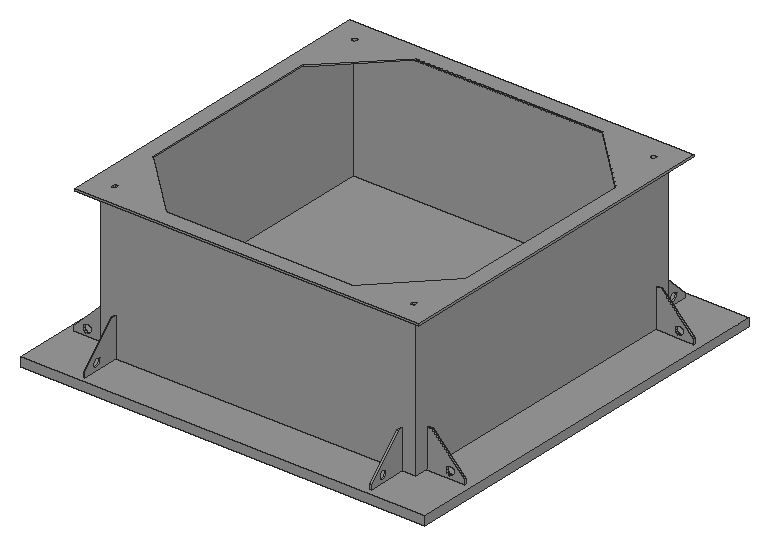
Revit family "СМ-ВО", category Арматура воздуховодов, Revit 2021
Family settings
  Размер круглого соединителя = Использовать диаметр
  Тип детали = Присоединяется
  На основе рабочей плоскости = Нет
  Всегда вертикально = Да
  При загрузке вырезать с полостями = Нет
  Общий = Нет
Parameters (values of type "СМ-ВО-0010-900")
  Ширина = C  # 1420 mm
  Фаска = D / 4  # 276.25 mm
  Отметка по умолчанию = 0 mm
  Косынка = Dy - 100 mm  # 1000 mm
  Класифікація навантаження = "HVAC"
  Изготовитель = "Вентс"  # constant formula
  Довжина = Ширина  # 1420 mm
  Висота = 550 mm  # constant formula
  Вага = 88.50 kg
  URL = "https://vents.ua/ua/series/sm-vo"
  Матеріал зони обслуговуваня = none
  Dy = 1100 mm
  D = Dy + 5 mm  # 1105 mm
  Матеріал корпусу = Метал, пофарбований, синій, матовий RAL 5007
  C = 1420 mm
  B = 1208 mm
  A = 1050 mm
  09_Назва системи [instance] = ""
  00_20_Тип = "СМ-ВО-0010-900"
  00_20_Назва = "Монтажний стакан"
  00_20_Виробник = "Вентс"  # constant formula
Types (9, lengths in mm): name | Ширина | Фаска | Косынка | Довжина | Вага | Dy | D | C | B | A | 00_20_Тип
  (no name) | 1420 | 276.25 | 1000 | 1420 | 88.50 kg | 1100 | 1105 | 1420 | 1208 | 1050 | "СМ-ВО-0010-900"
  СМ-ВО-0010-315/355 | 800 | 126.25 | 400 | 800 | 43.50 kg | 500 | 505 | 800 | 590 | 480 | "СМ-ВО-0010-315/355"
  СМ-ВО-0010-400/450 | 900 | 151.25 | 500 | 900 | 51.50 kg | 600 | 605 | 900 | 692 | 580 | "СМ-ВО-0010-400/450"
  СМ-ВО-0010-500 | 970 | 168.75 | 570 | 970 | 56.00 kg | 670 | 675 | 970 | 760 | 640 | "СМ-ВО-0010-500"
  СМ-ВО-0010-560/630 | 1120 | 208.75 | 730 | 1120 | 66.50 kg | 830 | 835 | 1120 | 910 | 750 | "СМ-ВО-0010-560/630"
  СМ-ВО-0010-710/800 | 1350 | 263.75 | 950 | 1350 | 83.00 kg | 1050 | 1055 | 1350 | 1140 | 980 | "СМ-ВО-0010-710/800"
  СМ-ВО-0010-900 | 1420 | 276.25 | 1000 | 1420 | 88.50 kg | 1100 | 1105 | 1420 | 1208 | 1050 | "СМ-ВО-0010-900"
  СМ-ВО-0010-1000/1120 | 1710 | 351.25 | 1300 | 1710 | 112.00 kg | 1400 | 1405 | 1710 | 1498 | 1340 | "СМ-ВО-0010-1000/1120"
  СМ-ВО-0010-1250 | 1900 | 401.25 | 1500 | 1900 | 151.00 kg | 1600 | 1605 | 1900 | 1688 | 1500 | "СМ-ВО-0010-1250"
Reference planes
  plane 1 "По центру (Вперед/Назад)": y = 0
  plane 2: z = 0
  plane 3 "По центру (Влево/Вправо)": x = 0
  plane 4: y = 525
  plane 5: y = -525
  plane 6: x = -525
  plane 7: x = 525
Forms (mm)
  Extrusion 1, solid, material "Метал, пофарбований, синій, матовий RAL 5007" <- "Матеріал корпусу"
    sketch origin (0, 0, 0) x (1, 0, 0) y (0, 1, 0)
      loop
        line (-710, 710) -> (-710, -710) -> (710, -710) -> (710, 710) -> (-710, 710)
      loop
        line (-550, 550) -> (-550, -550) -> (550, -550) -> (550, 550) -> (-550, 550)
    from 0 to 30
  Extrusion 2, solid, material "Метал, пофарбований, синій, матовий RAL 5007" <- "Матеріал корпусу"
    sketch origin (0, 0, 0) x (1, 0, 0) y (0, 1, 0)
      loop
        line (-552.5, 552.5) -> (-552.5, -552.5) -> (552.5, -552.5) -> (552.5, 552.5) -> (-552.5, 552.5)
      loop
        line (-550, 550) -> (-550, -550) -> (550, -550) -> (550, 550) -> (-550, 550)
    from 30 to 545
  Extrusion 3, solid, material "Метал, пофарбований, синій, матовий RAL 5007" <- "Матеріал корпусу"
    sketch origin (0, 0, 0) x (1, 0, 0) y (0, 1, 0)
      loop
        line (-604, 604) -> (-604, -604) -> (604, -604) -> (604, 604) -> (-604, 604)
      loop
        line (-327.75, 550) -> (-550, 327.75) -> (-550, -327.75) -> (-327.75, -550) -> (327.75, -550) -> (550, -327.75) -> (550, 327.75) -> (327.75, 550) -> (-327.75, 550)
      loop
        circle (-525, 525) r 8
      loop
        circle (525, 525) r 8
      loop
        circle (525, -525) r 8
      loop
        circle (-525, -525) r 8
    from 545 to 550
  Extrusion 4, solid, material "Метал, пофарбований, синій, матовий RAL 5007" <- "Матеріал корпусу"
    sketch origin (0, 0, 0) x (1, 0, 0) y (0, 0, 1)
      loop
        line (-687.5, 30) -> (-552.5, 30) -> (-552.5, 165) -> (-569.567, 165) -> (-687.5, 47.067) -> (-687.5, 30)
      loop
        circle (-637.5, 55) r 15
    from 500 to 505
  Extrusion 5, solid, material "Метал, пофарбований, синій, матовий RAL 5007" <- "Матеріал корпусу"
    sketch origin (0, 0, 0) x (1, 0, 0) y (0, 0, -1)
      loop
        line (-687.5, -30) -> (-687.5, -47.067) -> (-569.567, -165) -> (-552.5, -165) -> (-552.5, -30) -> (-687.5, -30)
      loop
        circle (-637.5, -55) r 15
    from 500 to 505
  Extrusion 6, solid, material "Метал, пофарбований, синій, матовий RAL 5007" <- "Матеріал корпусу"
    sketch origin (0, 0, 0) x (-1, 0, 0) y (0, 0, -1)
      loop
        line (-687.5, -30) -> (-687.5, -47.067) -> (-569.567, -165) -> (-552.5, -165) -> (-552.5, -30) -> (-687.5, -30)
      loop
        circle (-637.5, -55) r 15
    from 500 to 505
  Extrusion 7, solid, material "Метал, пофарбований, синій, матовий RAL 5007" <- "Матеріал корпусу"
    sketch origin (0, 0, 0) x (-1, 0, 0) y (0, 0, 1)
      loop
        line (-687.5, 30) -> (-552.5, 30) -> (-552.5, 165) -> (-569.567, 165) -> (-687.5, 47.067) -> (-687.5, 30)
      loop
        circle (-637.5, 55) r 15
    from 500 to 505
  Extrusion 8, solid, material "Метал, пофарбований, синій, матовий RAL 5007" <- "Матеріал корпусу"
    sketch origin (-349.138, 0, 0) x (0, -1, 0) y (0, 0, -1)
      loop
        line (-687.5, -30) -> (-687.5, -47.067) -> (-569.567, -165) -> (-552.5, -165) -> (-552.5, -30) -> (-687.5, -30)
      loop
        circle (-637.5, -55) r 15
    from -155.862 to -150.862
  Extrusion 9, solid, material "Метал, пофарбований, синій, матовий RAL 5007" <- "Матеріал корпусу"
    sketch origin (-69.138, 0, 0) x (0, -1, 0) y (0, 0, -1)
      loop
        line (-687.5, -30) -> (-687.5, -47.067) -> (-569.567, -165) -> (-552.5, -165) -> (-552.5, -30) -> (-687.5, -30)
      loop
        circle (-637.5, -55) r 15
    from 569.138 to 574.138
  Extrusion 10, solid, material "Метал, пофарбований, синій, матовий RAL 5007" <- "Матеріал корпусу"
    sketch origin (-349.138, 0, 0) x (0, 1, 0) y (0, 0, 1)
      loop
        line (-687.5, 30) -> (-552.5, 30) -> (-552.5, 165) -> (-569.567, 165) -> (-687.5, 47.067) -> (-687.5, 30)
      loop
        circle (-637.5, 55) r 15
    from -155.862 to -150.862
  Extrusion 11, solid, material "Метал, пофарбований, синій, матовий RAL 5007" <- "Матеріал корпусу"
    sketch origin (-69.138, 0, 0) x (0, 1, 0) y (0, 0, 1)
      loop
        line (-687.5, 30) -> (-552.5, 30) -> (-552.5, 165) -> (-569.567, 165) -> (-687.5, 47.067) -> (-687.5, 30)
      loop
        circle (-637.5, 55) r 15
    from 569.138 to 574.138
  Extrusion 12, solid, material "Метал, пофарбований, синій, матовий RAL 5007" <- "Матеріал корпусу"
    sketch origin (0, 0, 0) x (1, 0, 0) y (0, 1, 0)
      loop
        line (-550, 550) -> (-550, -550) -> (550, -550) -> (550, 550) -> (-550, 550)
    from 100 to 105
Dimensions and locks
  equal spacing: Extrusion 1 sketch curve, plane 3 "По центру (Влево/Вправо)", Extrusion 1 sketch curve  (x2)
  "C": Extrusion 1 sketch curve to Extrusion 1 sketch curve  (x2)
  equal spacing: Extrusion 1 sketch curve, plane 1 "По центру (Вперед/Назад)", Extrusion 1 sketch curve  (x2)
  equal spacing: Extrusion 2 sketch curve, plane 3 "По центру (Влево/Вправо)", Extrusion 2 sketch curve  (x2)
  equal spacing: Extrusion 2 sketch curve, plane 1 "По центру (Вперед/Назад)", Extrusion 2 sketch curve  (x2)
  "D": Extrusion 2 sketch curve to Extrusion 2 sketch curve  (x2)
  "Dy": Extrusion 2 sketch curve to Extrusion 2 sketch curve  (x2)
  "Dy": Extrusion 1 sketch curve to Extrusion 1 sketch curve  (x2)
  equal spacing: Extrusion 3 sketch curve, plane 1 "По центру (Вперед/Назад)", Extrusion 3 sketch curve
  "B": Extrusion 3 sketch curve to Extrusion 3 sketch curve  (x2)
  equal spacing: Extrusion 3 sketch curve, plane 3 "По центру (Влево/Вправо)", Extrusion 3 sketch curve
  "Фаска": Extrusion 3 sketch curve to Extrusion 3 sketch curve  (x8)
  equal spacing: plane 4, plane 1 "По центру (Вперед/Назад)", plane 5
  "A": plane 4 to plane 5
  equal spacing: plane 6, plane 3 "По центру (Влево/Вправо)", plane 7
  "A": plane 6 to plane 7
  equal spacing: Extrusion 4, plane 1 "По центру (Вперед/Назад)", Extrusion 5
  locked: Extrusion 5 to Extrusion 5 at 5
  locked: Extrusion 4 to Extrusion 4 at 5
  "Косынка": Extrusion 4 to Extrusion 5
  "Косынка": Extrusion 6 to Extrusion 7
  locked: Extrusion 7 to Extrusion 7 at 5
  locked: Extrusion 6 to Extrusion 6 at 5
  equal spacing: Extrusion 6, plane 1 "По центру (Вперед/Назад)", Extrusion 7
  locked: Extrusion 8 to Extrusion 8 at 5
  locked: Extrusion 9 to Extrusion 9 at 5
  equal spacing: Extrusion 8, plane 3 "По центру (Влево/Вправо)", Extrusion 9
  "Косынка": Extrusion 8 to Extrusion 9
  locked: Extrusion 10 to Extrusion 10 at 5
  locked: Extrusion 11 to Extrusion 11 at 5
  "Косынка": Extrusion 10 to Extrusion 11
  equal spacing: Extrusion 10, plane 3 "По центру (Влево/Вправо)", Extrusion 11
  equal spacing: Extrusion 12 sketch curve, plane 3 "По центру (Влево/Вправо)", Extrusion 12 sketch curve
  "Dy": Extrusion 12 sketch curve to Extrusion 12 sketch curve  (x2)
  equal spacing: Extrusion 12 sketch curve, plane 1 "По центру (Вперед/Назад)", Extrusion 12 sketch curve
  aligned and locked: level to plane 2
  aligned and locked: Extrusion 1 to Extrusion 3 sketch curve  (x4)
  aligned and locked: Extrusion 4 sketch curve to Extrusion 1
  aligned and locked: Extrusion 4 sketch curve to Extrusion 2
  aligned and locked: Extrusion 5 to Extrusion 2
  aligned and locked: Extrusion 5 to Extrusion 1
  aligned and locked: Extrusion 6 to Extrusion 2
  aligned and locked: Extrusion 6 to Extrusion 1
  aligned and locked: Extrusion 7 to Extrusion 1
  aligned and locked: Extrusion 7 to Extrusion 2
  aligned and locked: Extrusion 8 to Extrusion 2
  aligned and locked: Extrusion 8 to Extrusion 1
  aligned and locked: Extrusion 9 to Extrusion 1
  aligned and locked: Extrusion 9 to Extrusion 2
  aligned and locked: Extrusion 10 to Extrusion 2
  aligned and locked: Extrusion 10 to Extrusion 1
  aligned and locked: Extrusion 11 to Extrusion 1
  aligned and locked: Extrusion 11 to Extrusion 2
Automatic sketch dimensions
  Extrusion 3 sketch curve to plane 5 = 0 mm  (x2)
  Extrusion 3 sketch curve to plane 6 = 0 mm  (x2)
  Extrusion 3 sketch curve to plane 4 = 0 mm  (x2)
  Extrusion 3 sketch curve to plane 7 = 0 mm  (x2)
  Extrusion 4 sketch curve to Extrusion 4 sketch curve = 17.067 mm  (x2)
  Extrusion 4 sketch curve to Extrusion 4 sketch curve = 85 mm
  Extrusion 4 sketch curve to Extrusion 4 sketch curve = 50 mm
  Extrusion 4 sketch curve to Extrusion 4 sketch curve = 7.933 mm
  Extrusion 4 sketch curve to Extrusion 4 sketch curve = 135 mm
  level to Extrusion 5 sketch curve = 30 mm
  Extrusion 5 sketch curve to plane 3 "По центру (Влево/Вправо)" = 687.5 mm
  Extrusion 5 sketch curve to Extrusion 5 sketch curve = 50 mm
  level to Extrusion 5 sketch curve = 165 mm
  Extrusion 5 sketch curve to Extrusion 5 sketch curve = 67.933 mm
  Extrusion 5 sketch curve to Extrusion 5 sketch curve = 85 mm
  level to Extrusion 5 sketch curve = 55 mm
  Extrusion 5 sketch curve to Extrusion 5 sketch curve = 17.067 mm
  level to Extrusion 6 sketch curve = 30 mm
  plane 3 "По центру (Влево/Вправо)" to Extrusion 6 sketch curve = 687.5 mm
  Extrusion 6 sketch curve to Extrusion 6 sketch curve = 50 mm
  level to Extrusion 6 sketch curve = 165 mm
  Extrusion 6 sketch curve to Extrusion 6 sketch curve = 67.933 mm
  Extrusion 6 sketch curve to Extrusion 6 sketch curve = 85 mm
  level to Extrusion 6 sketch curve = 55 mm
  Extrusion 6 sketch curve to Extrusion 6 sketch curve = 17.067 mm
  level to Extrusion 7 sketch curve = 30 mm
  plane 3 "По центру (Влево/Вправо)" to Extrusion 7 sketch curve = 687.5 mm
  Extrusion 7 sketch curve to Extrusion 7 sketch curve = 50 mm
  level to Extrusion 7 sketch curve = 165 mm
  Extrusion 7 sketch curve to Extrusion 7 sketch curve = 67.933 mm
  Extrusion 7 sketch curve to Extrusion 7 sketch curve = 85 mm
  Extrusion 7 sketch curve to Extrusion 7 sketch curve = 17.067 mm
  Extrusion 7 sketch curve to Extrusion 7 sketch curve = 7.933 mm
  level to Extrusion 8 sketch curve = 30 mm
  Extrusion 8 sketch curve to plane 1 "По центру (Вперед/Назад)" = 687.5 mm
  Extrusion 8 sketch curve to Extrusion 8 sketch curve = 50 mm
  level to Extrusion 8 sketch curve = 165 mm
  Extrusion 8 sketch curve to Extrusion 8 sketch curve = 67.933 mm
  Extrusion 8 sketch curve to Extrusion 8 sketch curve = 85 mm
  level to Extrusion 8 sketch curve = 55 mm
  Extrusion 8 sketch curve to Extrusion 8 sketch curve = 17.067 mm
  level to Extrusion 9 sketch curve = 30 mm
  Extrusion 9 sketch curve to plane 1 "По центру (Вперед/Назад)" = 687.5 mm
  Extrusion 9 sketch curve to Extrusion 9 sketch curve = 50 mm
  level to Extrusion 9 sketch curve = 165 mm
  Extrusion 9 sketch curve to Extrusion 9 sketch curve = 67.933 mm
  Extrusion 9 sketch curve to Extrusion 9 sketch curve = 85 mm
  level to Extrusion 9 sketch curve = 55 mm
  Extrusion 9 sketch curve to Extrusion 9 sketch curve = 17.067 mm
  level to Extrusion 10 sketch curve = 30 mm
  plane 1 "По центру (Вперед/Назад)" to Extrusion 10 sketch curve = 687.5 mm
  Extrusion 10 sketch curve to Extrusion 10 sketch curve = 50 mm
  level to Extrusion 10 sketch curve = 165 mm
  Extrusion 10 sketch curve to Extrusion 10 sketch curve = 67.933 mm
  Extrusion 10 sketch curve to Extrusion 10 sketch curve = 85 mm
  Extrusion 10 sketch curve to Extrusion 10 sketch curve = 17.067 mm
  Extrusion 10 sketch curve to Extrusion 10 sketch curve = 7.933 mm
  level to Extrusion 11 sketch curve = 30 mm
  plane 1 "По центру (Вперед/Назад)" to Extrusion 11 sketch curve = 687.5 mm
  Extrusion 11 sketch curve to Extrusion 11 sketch curve = 50 mm
  level to Extrusion 11 sketch curve = 165 mm
  Extrusion 11 sketch curve to Extrusion 11 sketch curve = 67.933 mm
  Extrusion 11 sketch curve to Extrusion 11 sketch curve = 85 mm
  Extrusion 11 sketch curve to Extrusion 11 sketch curve = 17.067 mm
  Extrusion 11 sketch curve to Extrusion 11 sketch curve = 7.933 mm
  radius of Extrusion 3 sketch curve = 8 mm  (x4)
  radius of Extrusion 4 sketch curve = 15 mm
  radius of Extrusion 5 sketch curve = 15 mm
  radius of Extrusion 6 sketch curve = 15 mm
  radius of Extrusion 7 sketch curve = 15 mm
  radius of Extrusion 8 sketch curve = 15 mm
  radius of Extrusion 9 sketch curve = 15 mm
  radius of Extrusion 10 sketch curve = 15 mm
  radius of Extrusion 11 sketch curve = 15 mm
Connectors
  hvac at (0, 0, 0), driven by "Dy", driven by "Dy"
    settings: on Extrusion 1, index 1, duct flow 0.0 L/s, flow factor 0, pres drop 0.0 Pa, loss coef 0, conn angle 0.00°, conn width 1100 mm, conn height 1100 mm, conn diameter 609.6 mm, duct sys type 1, conn prof type 1, flow config 0, flow direction 0, loss method 0, conn ref index -1, conn util no, is conn primary yes, conn desc ""
